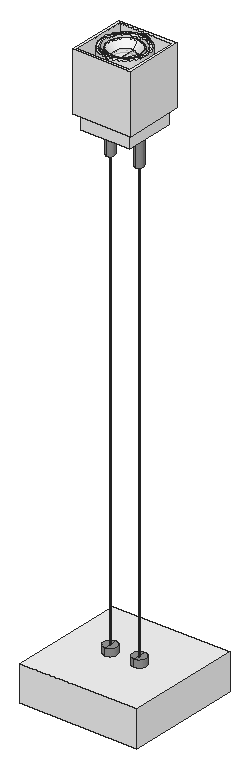
Revit family "Zaniboni-Diva-2_Inch_Pendant-1", category Lighting Fixtures, host Face, Revit 2016
Family settings
  Host = Face
  Part Type = Normal
  Round Connector Dimension = Use Diameter
  Cut with Voids When Loaded = No
  Light Source = No
  Shared = No
  Room Calculation Point = No
Parameters (values of type "Type Catalog")
  Width Cable = if(Length = 9", 1.81", 3/4")  # 3/4"
  Width = 2.99"
  Wattage Comments = "14W"
  Voltage = 120 V
  URL = "www.zanibonilighting.com"
  Type Comments = "Diva"  # constant formula
  Support Finish = ZBN - Metal Matte White
  Screen Finish = ZBN - Glass
  ST = RT  # no
  SQ = RQ  # no
  SD = RD  # no
  RT = no
  RQ = no
  RD = no
  Model = "Type Catalog"
  Mechanism Finish = ZBN - Plastic-Black
  Manufacturer = "Zaniboni"  # constant formula
  Length = 2.99"
  Keynote = "12500"
  Kelvin = "3000°K"
  Frame Finish = ZBN - Metal Matte White
  Depth Cable = if(Width = 5.72", 3/4", 1 1/2")  # 1 1/2"
  Diffuser Finish = ZBN - Metal Matte White
  Description = "Type Catalog"
  Default Elevation = 1"
  Cord Finish = ZBN - Chrome
  Cord = no
  Ceiling Dist [instance] = 30"
  Cable Finish = ZBN - Chrome
  Cable = Width = 5.72"  # no
  CRI = "80"
  Body Finish = ZBN - Metal Matte White
  Beam = "36°"
  Base Width = 5.98"
  Base Finish = ZBN - Metal Matte White
  Base Depth = 5.98"
  Assembly Code = "E1020300"
  AirCraft = yes
Reference planes (in)
  plane 1 "Center (Front/Back)": y = 0
  plane 2: z = 0
  plane 3 "Center (Left/Right)": x = 0
  plane 4: x = 2.99
  plane 5: y = -2.99
  plane 6: x = 1.495
  plane 7: y = -1.495
  plane 8: z = 30
  plane 9: z = 27.00787
  plane 10: z = 26.25787
  plane 11: x = -1.495
  plane 12: y = -4.485
  plane 13: x = 4.485
  plane 14: y = 1.495
  plane 15: z = 1.812
  plane 16: z = 2.62413
  plane 17: z = 25.44575
Forms (in)
  Extrusion 1, solid, material "ZBN - Metal Matte White" <- "Body Finish"
    sketch origin (2.99382, -1.49606, 4.68504) x (1, 0, 0) y (0, 1, 0)
      loop
        line (-2.99382, 1.49606) -> (-2.99382, -1.49394) -> (-0.00382, -1.49394) -> (-0.00382, 1.49606) -> (-2.99382, 1.49606)
      loop
        line (-0.12882, -1.36894) -> (-0.12882, 1.37106) -> (-2.86882, 1.37106) -> (-2.86882, -1.36894) -> (-0.12882, -1.36894)
    from 22.32283 to 25.31496
  Extrusion 2, solid, material "ZBN - Metal Matte White" <- "Body Finish"
    sketch origin (-0.55118, 0.55118, 1.69291) x (1, 0, 0) y (0, 1, 0)
      loop
        line (0.55118, -0.55118) -> (0.55118, -3.54118) -> (3.54118, -3.54118) -> (3.54118, -0.55118) -> (0.55118, -0.55118)
    from 25.31496 to 25.43496
  Extrusion 3, solid, material "ZBN - Metal Matte White" <- "Body Finish"
    sketch origin (0, 0, 0) x (1, 0, 0) y (0, 1, 0)
      loop
        line (0.245, -0.245) -> (0.245, -2.745) -> (2.745, -2.745) -> (2.745, -0.245) -> (0.245, -0.245)
    from 26.25787 to 27.00787
  Extrusion 4, solid, material "ZBN - Metal Matte White" <- "Base Finish"
    sketch origin (0, 0, 0) x (1, 0, 0) y (0, 1, 0)
      loop
        line (-1.495, 1.495) -> (-1.495, -4.485) -> (4.485, -4.485) -> (4.485, 1.495) -> (-1.495, 1.495)
    from 0 to 1.812
  Extrusion 5, solid, material "ZBN - Chrome" <- "Cord Finish", visible <- "Cord"
    sketch origin (0, 0, 0) x (1, 0, 0) y (0, 1, 0)
      loop
        circle (1.495, -1.495) r 0.13141
    from 2.62413 to 25.44575
  Blend 6, solid, material "ZBN - Chrome" <- "Cord Finish", visible <- "Cord"
    base sketch origin (0, 0, 0) x (1, 0, 0) y (0, 1, 0)
      loop
        circle (1.495, -1.495) r 0.33016
    top sketch origin (0, 0, 0) x (1, 0, 0) y (0, 1, 0)
      loop
        circle (1.495, -1.495) r 0.19264
    from 1.812 to 2.62413
  Blend 7, solid, material "ZBN - Chrome" <- "Cord Finish", visible <- "Cord"
    base sketch origin (0, 0, 6.2788) x (0, -1, 0) y (1, 0, 0)
      loop
        circle (1.495, 1.495) r 0.33016
    top sketch origin (0, 0, 6.2788) x (0, -1, 0) y (1, 0, 0)
      loop
        circle (1.495, 1.495) r 0.19264
    from 19.97907 to 19.16695
Cuts and joins
  joined: Extrusion 1, Extrusion 2
Lines and regions (in)
  symbolic lines
    curve 1: line (0, 0, 0) -> (0, -2.99, 0)
    curve 2: line (2.99, 0, 0) -> (0, 0, 0)
    curve 3: line (2.99, -2.99, 0) -> (2.99, 0, 0)
    curve 4: line (0, -2.99, 0) -> (2.99, -2.99, 0)
    curve 5: line (0.125, -2.865, 0) -> (0.125, -0.125, 0)
    curve 6: line (0.125, -0.125, 0) -> (2.865, -0.125, 0)
    curve 7: line (2.865, -0.125, 0) -> (2.865, -2.865, 0)
    curve 8: line (2.865, -2.865, 0) -> (0.125, -2.865, 0)
Dimensions and locks (in)
  plane 3 "Center (Left/Right)" to Extrusion 2 sketch curve = 0"
  Extrusion 2 sketch curve to plane 1 "Center (Front/Back)" = 0"
  locked: plane 3 "Center (Left/Right)" to Extrusion 1 sketch curve at 0.125
  locked: Extrusion 1 sketch curve to plane 4 at 0.125
  locked: Extrusion 1 sketch curve to plane 5 at 0.125
  locked: Extrusion 1 sketch curve to plane 1 "Center (Front/Back)" at 0.125
  "Length": plane 3 "Center (Left/Right)" to plane 4
  "Width": plane 5 to plane 1 "Center (Front/Back)"
  equal spacing: plane 3 "Center (Left/Right)", plane 6, plane 4
  equal spacing: plane 5, plane 7, plane 1 "Center (Front/Back)"
  plane 10 to plane 9 to plane 8 = 3/4" locked, 2.99213" locked
  locked: Extrusion 2 to plane 9 at 0.12
  locked: plane 3 "Center (Left/Right)" to Extrusion 3 sketch curve at 0.245
  locked: Extrusion 3 sketch curve to plane 4 at 0.245
  locked: Extrusion 3 sketch curve to plane 5 at 0.245
  locked: Extrusion 3 sketch curve to plane 1 "Center (Front/Back)" at 0.245
  "Ceiling Dist": plane 8 to plane 2
  equal spacing: plane 11, plane 6, plane 13
  "Base Width": plane 11 to plane 13
  equal spacing: plane 14, plane 7, plane 12
  "Base Depth": plane 12 to plane 14
  locked: plane 15 to plane 2 at 1.812
  "Width Cable": plane 3 "Center (Left/Right)" to nested 6
  "Width Cable": nested 7 to plane 4
  "Depth Cable": nested 6 to plane 1 "Center (Front/Back)"
  "Depth Cable": plane 1 "Center (Front/Back)" to nested 7
  locked: plane 5 to nested 8 at 0.75
  locked: nested 9 to plane 5 at 0.75
  locked: plane 3 "Center (Left/Right)" to nested 8 at 0.745
  locked: nested 9 to plane 4 at 0.745
  locked: plane 16 to plane 15 at 0.81213
  locked: plane 10 to plane 17 at 0.81213
  aligned and locked: plane 2 to host face
  aligned and locked: level to host face
  aligned and locked: plane 3 "Center (Left/Right)" to Extrusion 1 sketch curve
  aligned and locked: plane 1 "Center (Front/Back)" to Extrusion 1 sketch curve
  aligned and locked: plane 4 to Extrusion 1 sketch curve
  aligned and locked: plane 5 to Extrusion 1 sketch curve
  aligned and locked: plane 9 to Extrusion 2
  aligned and locked: nested 1 to plane 8
  aligned and locked: nested 2 to plane 8
  aligned and locked: plane 8 to nested 3
  aligned and locked: plane 8 to nested 5
  aligned and locked: plane 8 to nested 4
  aligned and locked: Extrusion 3 to plane 9
  aligned and locked: plane 10 to Extrusion 3
  aligned and locked: cut or joined group of Extrusion 1, Extrusion 2 to plane 8
  aligned and locked: plane 9 to cut or joined group of Extrusion 1, Extrusion 2
  aligned and locked: plane 11 to Extrusion 4 sketch curve
  aligned and locked: plane 14 to Extrusion 4 sketch curve
  aligned and locked: plane 13 to Extrusion 4 sketch curve
  aligned and locked: plane 12 to Extrusion 4 sketch curve
  aligned and locked: Extrusion 4 to plane 2
  aligned and locked: plane 15 to Extrusion 4
  aligned and locked: plane 15 to nested 6
  aligned and locked: plane 16 to Blend 6
  aligned and locked: Blend 6 to plane 15
  aligned and locked: Blend 7 to plane 10
  aligned and locked: Blend 7 to plane 17
  aligned and locked: plane 17 to Extrusion 5
  aligned and locked: Extrusion 5 to plane 16
  aligned and locked: plane 6 to Blend 7 sketch curve  (x2)
  aligned and locked: plane 7 to Blend 7 sketch curve  (x2)
  aligned and locked: plane 6 to Blend 6 sketch curve  (x2)
  aligned and locked: plane 7 to Blend 6 sketch curve  (x2)
  aligned and locked: plane 7 to Extrusion 5 sketch curve
  aligned and locked: plane 6 to Extrusion 5 sketch curve
Automatic sketch dimensions
  curve 1 to plane 3 "Center (Left/Right)" = 0"
  curve 3 to plane 4 = 0"
  curve 1 to plane 5 = 0"
  plane 1 "Center (Front/Back)" to curve 2 = 0"
  plane 3 "Center (Left/Right)" to curve 5 = 1/8"
  plane 4 to curve 8 = 1/8"
  plane 5 to curve 8 = 1/8"
  plane 1 "Center (Front/Back)" to curve 5 = 1/8"
  host sketch curve to host sketch curve = 9.94285"
  host sketch curve to host sketch curve = 10.14618"
  Extrusion 2 sketch curve to plane 4 = 0"
  Extrusion 2 sketch curve to plane 5 = 0"
  radius of Extrusion 5 sketch curve = 0.13141"
  radius of Blend 6 sketch curve = 0.33016"
  radius of Blend 6 sketch curve = 0.19264"
  radius of Blend 7 sketch curve = 0.33016"
  radius of Blend 7 sketch curve = 0.19264"
Nested families (in)
  nested 1: "Diva 2" at (1.49382, -1.49606, 9.03775), Voltage <- "Voltage", Frame Finish <- "Frame Finish", Mechanism Finish <- "Mechanism Finish", Screen Finish <- "Screen Finish", Support Finish <- "Support Finish", Diffuser Finish <- "Diffuser Finish", type "Diva 2"
    with Voltage 120 V, Support Finish ZBN - Metal Matte White, Support yes, Screen Finish ZBN - Glass, Mechanism Finish ZBN - Plastic-Black, Light yes, Frame Finish ZBN - Metal Matte White, Diffuser Finish ZBN - Metal Matte White
  nested 2: "Diva 2" at (4.49382, -1.49606, 9.03775), Light <- "RD", Voltage <- "Voltage", Frame Finish <- "Frame Finish", Mechanism Finish <- "Mechanism Finish", Screen Finish <- "Screen Finish", Support Finish <- "Support Finish", Diffuser Finish <- "Diffuser Finish", visible <- "RD", Support <- "SD", type "Diva 2"
    with Voltage 120 V, Support Finish ZBN - Metal Matte White, Support no, Screen Finish ZBN - Glass, Mechanism Finish ZBN - Plastic-Black, Light no, Frame Finish ZBN - Metal Matte White, Diffuser Finish ZBN - Metal Matte White
  nested 3: "Diva 2" at (7.48382, -1.49606, 9.03775) x (-1, 0, 0) z (0, 0, 1), Light <- "RT", Voltage <- "Voltage", Frame Finish <- "Frame Finish", Mechanism Finish <- "Mechanism Finish", Screen Finish <- "Screen Finish", Support Finish <- "Support Finish", Diffuser Finish <- "Diffuser Finish", visible <- "RT", Support <- "ST", type "Diva 2"
    with Voltage 120 V, Support Finish ZBN - Metal Matte White, Support no, Screen Finish ZBN - Glass, Mechanism Finish ZBN - Plastic-Black, Light no, Frame Finish ZBN - Metal Matte White, Diffuser Finish ZBN - Metal Matte White
  nested 4: "Diva 2" at (1.49382, -4.22806, 9.03775), Light <- "RQ", Voltage <- "Voltage", Frame Finish <- "Frame Finish", Mechanism Finish <- "Mechanism Finish", Screen Finish <- "Screen Finish", Support Finish <- "Support Finish", Diffuser Finish <- "Diffuser Finish", visible <- "RQ", Support <- "SQ", type "Diva 2"
    with Voltage 120 V, Support Finish ZBN - Metal Matte White, Support no, Screen Finish ZBN - Glass, Mechanism Finish ZBN - Plastic-Black, Light no, Frame Finish ZBN - Metal Matte White, Diffuser Finish ZBN - Metal Matte White
  nested 5: "Diva 2" at (4.49382, -4.22806, 9.03775), Light <- "RQ", Voltage <- "Voltage", Frame Finish <- "Frame Finish", Mechanism Finish <- "Mechanism Finish", Screen Finish <- "Screen Finish", Support Finish <- "Support Finish", Diffuser Finish <- "Diffuser Finish", visible <- "RQ", Support <- "SQ", type "Diva 2"
    with Voltage 120 V, Support Finish ZBN - Metal Matte White, Support no, Screen Finish ZBN - Glass, Mechanism Finish ZBN - Plastic-Black, Light no, Frame Finish ZBN - Metal Matte White, Diffuser Finish ZBN - Metal Matte White
  nested 6: "Aircraft" at (0.75, -1.5, 0), Cable Finish <- "Cable Finish", CL <- "Ceiling Dist", Cable <- "AirCraft", type "Cable"
    with Cable Finish ZBN - Chrome, Cable yes, CL 30"
  nested 7: "Aircraft" at (2.24, -1.5, 0) x (-1, 0, 0) z (0, 0, 1), Cable Finish <- "Cable Finish", CL <- "Ceiling Dist", Cable <- "AirCraft", type "Cable"
    with Cable Finish ZBN - Chrome, Cable yes, CL 30"
  nested 8: "Aircraft" at (0.745, -2.24, 0), Cable Finish <- "Cable Finish", CL <- "Ceiling Dist", Cable <- "Cable", type "Cable"
    with Cable Finish ZBN - Chrome, Cable no, CL 30"
  nested 9: "Aircraft" at (2.245, -2.24, 0) x (-1, 0, 0) z (0, 0, 1), Cable Finish <- "Cable Finish", CL <- "Ceiling Dist", Cable <- "Cable", type "Cable"
    with Cable Finish ZBN - Chrome, Cable no, CL 30"
Definition of nested family "Diva 2"
  Parameters (values of type "Diva 2")
    Wattage = 9.2903 W
    built-in parameter 1150110 = 1 (stored number, unit not read)
    Voltage [instance] = 0 V
    built-in parameter 1114217 = 1 (stored number, unit not read)
    Tilt Angle = 90.00°
    built-in parameter 1150109 = 1 (stored number, unit not read)
    built-in parameter 1150134 = 3
    built-in parameter 1150113 = 1 (stored number, unit not read)
    Support Finish [instance] = none
    Support [instance] = yes
    Screen Finish [instance] = none
    Photometric Web File = "generic"
    built-in parameter 1150142 = (empty or 0)
    Mechanism Finish [instance] = none
    built-in parameter 1150105 = 109.82 (stored number, unit not read)
    Lumens = 1380 lm
    built-in parameter 1150115 = 1 (stored number, unit not read)
    built-in parameter 1150137 = (empty or 0)
    built-in parameter 1150139 = (empty or 0)
    Light [instance] = yes
    built-in parameter 1150112 = 1 (stored number, unit not read)
    built-in parameter 1150114 = 1 (stored number, unit not read)
    built-in parameter 1150132 = (empty or 0)
    built-in parameter 1150102 = (empty or 0)
    built-in parameter 1150107 = 3200 (stored number, unit not read)
    built-in parameter 1150138 = (empty or 0)
    built-in parameter 1150106 = 1.0982 (stored number, unit not read)
    Frame Finish [instance] = none
    Emit from Circle Diameter = 3"
    Emit Shape Visible in Rendering = no
    built-in parameter 1150104 = 13.8 (stored number, unit not read)
    Dimming Lamp Color Temperature Shift = (empty or 0)
    Diffuser Finish [instance] = none
    Color Filter = 16777215
    built-in parameter 1114218 = 1 (stored number, unit not read)
    built-in parameter 1150133 = 10 (stored number, unit not read)
  Reference planes (in)
    plane 1 "Center (Front/Back)": y = 0
    plane 2: z = 0
    plane 3 "Center (Left/Right)": x = 0
    plane 4: z = 20.96225
  Forms (in)
    Revolve 1, solid, material <- "Support Finish", visible <- "Light"
      sketch origin (0, 0, 0) x (0, 1, 0) y (0, 0, 1)
        loop
          arc (1.15372, 20.93025) -> (1.14435, 20.95288) -> (1.12172, 20.96225) r 0.032
          line (1.12172, 20.96225) -> (1.02685, 20.96225)
          arc (1.02685, 20.96225) -> (1.00504, 20.95322) -> (0.996, 20.9314) r 0.03085
          line (0.996, 20.9314) -> (0.996, 20.32364)
          arc (0.996, 20.32364) -> (1.00516, 20.30154) -> (1.02725, 20.29239) r 0.03125
          line (1.02725, 20.29239) -> (1.12247, 20.29239)
          arc (1.12247, 20.29239) -> (1.14457, 20.30154) -> (1.15372, 20.32364) r 0.03125
          line (1.15372, 20.32364) -> (1.15372, 20.93025)
        axis (0, 20.96225) -> (0, 20.29239)
      angle from 0 to 360
    Revolve 2, solid, material <- "Mechanism Finish", visible <- "Light"
      sketch origin (0, 0, 0) x (0, 1, 0) y (0, 0, 1)
        loop
          line (-0.75, 19.6573) -> (-0.78739, 19.6573) -> (-0.78739, 19.01443)
          arc (-0.78739, 19.01443) -> (-0.73284, 18.88274) -> (-0.60115, 18.82819) r 0.18624
          line (-0.60115, 18.82819) -> (0, 18.82819) -> (0, 20.06203) -> (-0.75, 20.06203) -> (-0.75, 19.6573)
        axis (0, 20.06203) -> (0, 18.82819)
      angle from 0 to 360
    Revolve 3, solid, material <- "Frame Finish", visible <- "Light"
      sketch origin (0, 0, 0) x (0, 1, 0) y (0, 0, 1)
        loop
          arc (0.83279, 20.86821) -> (0.82384, 20.8813) -> (0.80839, 20.87771) r 0.01405
          line (0.80839, 20.87771) -> (0.51248, 20.55537) -> (0.51248, 20.39203) -> (0, 20.39203) -> (0, 20.06203) -> (0.78764, 20.06203) -> (0.83279, 20.1861) -> (0.83279, 20.86821)
        axis (0, 20.87771) -> (0, 20.06203)
      angle from 0 to 360
    Revolve 4, solid, material <- "Screen Finish", visible <- "Light"
      sketch origin (0, 0, -0.0433) x (0, 1, 0) y (0, 0, 1)
        loop
          line (0, 20.55537) -> (-0.51248, 20.55537) -> (-0.51248, 20.52337) -> (0, 20.52337) -> (0, 20.55537)
        axis (0, 20.55537) -> (0, 20.516)
      angle from 0 to 360
    Extrusion 5, solid, material <- "Support Finish", visible <- "Light"
      sketch origin (0, 0, 0) x (0, 1, 0) y (0, 0, 1)
        loop
          circle (0, 20.63237) r 0.15625
      from -1.0793 to -0.7999
    Extrusion 6, solid, material <- "Support Finish", visible <- "Light"
      sketch origin (0, 0, 0) x (0, 1, 0) y (0, 0, -1)
        loop
          circle (0, -20.63237) r 0.15625
      from -1.0793 to -0.7999
    Extrusion 7, solid, material <- "Support Finish", visible <- "Light"
      sketch origin (0, 0, 0) x (1, 0, 0) y (0, 0, 1)
        loop
          circle (0, 20.63237) r 0.15625
      from -1.366 to -1.11932
    Extrusion 8, solid, material <- "Support Finish", visible <- "Light"
      sketch origin (0, 0, 0) x (1, 0, 0) y (0, 0, -1)
        loop
          circle (0, -20.63237) r 0.15625
      from -1.366 to -1.11932
    Extrusion 9, solid, material <- "Mechanism Finish", visible <- "Light"
      sketch origin (0, 0, 10.83737) x (1, 0, 0) y (0, 1, 0)
        loop
          circle (0, 0) r 0.12463
      from 7.9277 to 7.9902
    Extrusion 10, solid, material <- "Support Finish", visible <- "Support"
      sketch origin (0, 0, 0) x (1, 0, 0) y (0, 0, 1)
        loop
          line (-0.21654, 20.6341) -> (-0.21654, 18.14667) -> (0.21654, 18.14667) -> (0.21654, 20.6341)
          arc (0.21654, 20.6341) -> (0, 20.85063) -> (-0.21654, 20.6341) r 0.21654
      from 1.25773 to 1.366
    Extrusion 11, solid, material <- "Support Finish", visible <- "Support"
      sketch origin (0, 2.62373, 0) x (1, 0, 0) y (0, 0, 1)
        loop
          line (-0.21654, 20.6341) -> (-0.21654, 18.14667) -> (0.21654, 18.14667) -> (0.21654, 20.6341)
          arc (0.21654, 20.6341) -> (0, 20.85063) -> (-0.21654, 20.6341) r 0.21654
      from 1.25773 to 1.366
    Extrusion 12, solid, material <- "Support Finish", visible <- "Support"
      sketch origin (0, 0, 0) x (1, 0, 0) y (0, 0, 1)
        loop
          line (-0.21654, 18.14667) -> (0.21654, 18.14667) -> (0.21654, 18.25494) -> (-0.21654, 18.25494) -> (-0.21654, 18.14667)
      from -1.25773 to 1.25773
    Revolve 13, solid, material <- "Diffuser Finish", visible <- "Light"
      sketch origin (0, 0, 0) x (0, 1, 0) y (0, 0, 1)
        loop
          line (0, 19.89266) -> (-0.24332, 19.89266)
          arc (-0.24332, 19.89266) -> (-0.26669, 19.89684) -> (-0.28717, 19.90885) r 0.06747
          arc (-0.28717, 19.90885) -> (-0.48629, 20.16517) -> (-0.56809, 20.47927) r 0.80551
          arc (-0.56809, 20.47927) -> (-0.50578, 20.15236) -> (-0.30748, 19.8851) r 0.74583
          arc (-0.30748, 19.8851) -> (-0.27751, 19.86752) -> (-0.24332, 19.86141) r 0.09872
          line (-0.24332, 19.86141) -> (0, 19.86141) -> (0, 19.89266)
        axis (0, 20.47927) -> (0, 19.86141)
      angle from 0 to 360
  Cuts and joins
    joined: Extrusion 10, Extrusion 11, Extrusion 12
  Lines and regions (in)
    symbolic lines, visible <- "Light", detail levels fine
      curve 1: circle (0, 0, 0) r 1.15231 normal (0, 0, 1)
      curve 2: circle (0, 0, 0) r 1 normal (0, 0, 1)
      curve 3: circle (0, 0, 0) r 0.83279 normal (0, 0, 1)
      curve 4: circle (0, 0, 0) r 0.51248 normal (0, 0, 1)
  Dimensions and locks (in)
    aligned and locked: plane 2 to level
  Connectors (in)
    electrical at (0, 0, 18.76507), driven by "Voltage"
      settings: on Extrusion 9, index 1, voltage 0 V, apparent load 0 VA, apparent load phase1 0 VA, apparent load phase2 0 VA, apparent load phase3 0 VA, power factor 1, load classification none, number of poles 1, system type 31, power factor state 1, is connector primary yes, connector utility no, sub classification motor no, connector description ""
Definition of nested family "Aircraft"
  Parameters (values of type "Cable")
    Cable Finish [instance] = none
    Cable [instance] = yes
    CL [instance] = 28"
  Reference planes (in)
    plane 1 "Center (Front/Back)": y = 0
    plane 2: z = 0
    plane 3 "Center (Left/Right)": x = 0
    plane 4: z = 28
    plane 5: z = 24.25787
    plane 6: z = 1.812
  Forms (in)
    Revolve 1, solid, material <- "Cable Finish", visible <- "Cable"
      sketch origin (0, 0, 0) x (0, 1, 0) y (0, 0, 1)
        loop
          line (0, 2.1537) -> (-0.35369, 2.1537) -> (-0.35369, 1.812) -> (0, 1.812) -> (0, 2.1537)
        loop
          line (-0.258, 24.19587) -> (-0.205, 24.19587) -> (-0.205, 22.75787) -> (0, 22.75787) -> (0, 24.25787) -> (-0.258, 24.25787) -> (-0.258, 24.19587)
        axis (0, 1.812) -> (0, 24.25787)
      angle from 0 to 360
    Extrusion 2, solid, material <- "Cable Finish", visible <- "Cable"
      sketch origin (0, 0, 0) x (1, 0, 0) y (0, 1, 0)
        loop
          circle (0, 0) r 0.03176
      from 2.1537 to 22.75787
  Lines and regions (in)
    symbolic lines, visible <- "Cable", detail levels fine
      curve 1: circle (0, 0, 0) r 0.35369 normal (0, 0, 1)
  Dimensions and locks (in)
    locked: plane 5 to plane 4 at 3.74213
    locked: plane 6 to Revolve 1 sketch curve at 0.3417
    locked: plane 1 "Center (Front/Back)" to Revolve 1 sketch curve at 0.35369
    Revolve 1 sketch curve to Revolve 1 sketch curve to plane 5 = 1.438" locked, 0.062" locked
    plane 1 "Center (Front/Back)" to Revolve 1 sketch curve to Revolve 1 sketch curve = 0.205" locked, 0.053" locked
    locked: plane 6 to plane 2 at 1.812
    "CL": plane 2 to plane 4
    aligned and locked: plane 2 to level
    aligned and locked: plane 1 "Center (Front/Back)" to Revolve 1 sketch curve  (x2)
    aligned and locked: plane 6 to Revolve 1 sketch curve
    aligned and locked: Revolve 1 sketch curve to plane 5
    aligned and locked: Revolve 1 sketch curve to plane 1 "Center (Front/Back)"
    aligned and locked: Revolve 1 to Extrusion 2
    aligned and locked: Extrusion 2 to Revolve 1
  Automatic sketch dimensions
    plane 1 "Center (Front/Back)" to curve 1 = 0"
    curve 1 to plane 3 "Center (Left/Right)" = 0"
    Revolve 1 sketch curve to plane 6 = 0.33628"
    Revolve 1 sketch curve to Revolve 1 sketch curve = 0.38982"
    plane 1 "Center (Front/Back)" to Extrusion 2 sketch curve = 0"
    Extrusion 2 sketch curve to plane 3 "Center (Left/Right)" = 0"
    radius of curve 1 = 0.35369"
    radius of Extrusion 2 sketch curve = 0.03176"
